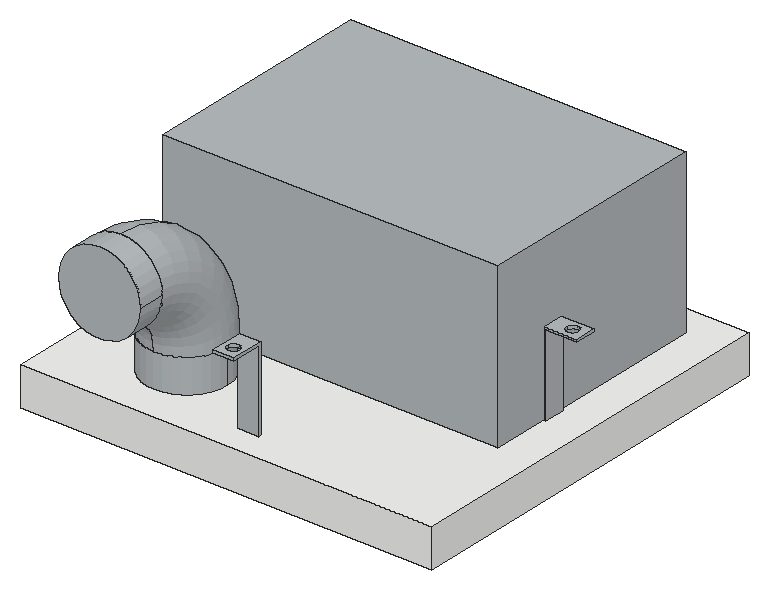
Revit family "wd-121_221bzmd5_60Hz", category 機械設備, Revit 2019
Family settings
  丸型コネクタ寸法 = 直径を使用
  パーツ タイプ = 標準
  OmniClass 番号 = 23.75.35.17.27
  OmniClass タイトル = Centrifugal Fans
  作業面ベース = いいえ
  常に垂直 = はい
  ロード時にボイドで切り取り = いいえ
  共有 = いいえ
  部屋計算ポイント = はい
Parameters (values of type "WD-121BZMD5")
  騒音レベル(dB(A)) [instance] = 46
  風量 [instance] = 200.0 m³/h
  電源種別 [instance] = ""
  電圧 = 100 V
  電動機出力 = 0 W
  電動機_種別 [instance] = ""
  運転質量 = 0.00 kg
  連動 [instance] = ""
  質量 = if(製品質量 > 運転質量, 製品質量, 運転質量) * 1.2  # 10.20 kg
  負荷分類 = 3_ファン類
  説明 = "バス乾燥・暖房・換気システム 換気システム連動形"
  設計風量 [instance] = 0.0 m³/h
  設置方法 = "カセット形"
  記号 [instance] = ""
  製造元 = "三菱電機株式会社"
  製品質量 = 8.50 kg
  製品出荷対象 = "国内"
  製品リリース年月 = "2022年6月1日"
  製品グループ = ""
  系統 [instance] = ""
  符号 [instance] = if(☑給気／□排気, "FS", "FE")  # "FS"
  積算_科目 = "2 換気設備"
  積算_拾い区分 [instance] = ""
  相 = 1
  盤記号 [instance] = ""
  発停方法 [instance] = ""
  特殊仕様 [instance] = ""
  点検口離隔 = 150 mm
  点検口_Depth = 450 mm
  点検口 = yes
  火災停止 [instance] = ""
  消費電力 = 1370 W
  法定耐用年数 = "10"
  機外静圧 [instance] = 0.0 Pa
  極数 = 2
  材質 [instance] = ""
  操作・制御方式 = ""
  操作・制御スイッチ = ""
  排気量 [instance] = if(☑給気／□排気, 0.0 m³/h, 設計風量)  # 0.0 m³/h
  形式 = ""
  幹線記号 [instance] = ""
  対象室 [instance] = ""
  実風量 [instance] = 0.0 m³/h
  始動方式 [instance] = "直入"
  天吊金具ピッチ2 = 450 mm
  天吊金具ピッチ1 = 450 mm
  天吊金具_高さ = 97 mm
  天吊金具_径 = 15 mm
  外気量 [instance] = if(☑給気／□排気, 設計風量, 0.0 m³/h)  # 0.0 m³/h
  呼称 = ""
  周波数 = 60 Hz
  参照している仕様書等のバージョン = ""
  分類コード = "50052503100080"
  分類グループ = ""
  価格 = 111000
  企業コード = "108420"
  付属品_防振装置 = ""
  付属品 [instance] = ""
  仕様書バージョン = "Version1.0"
  モデル = "WD-121BZMD5"
  マテリアル = 亜鉛メッキ鋼板
  ファンの種類 = ""
  ダクト径 = 100 mm
  コメント [instance] = ""
  Keynote = ""
  カバーマテリアル = 合成樹脂(白)
  ☑給気／□排気 [instance] = yes
  Width = 400 mm
  W1 = 492 mm
  Version = ""
  Uniclass2015Version = "Systems v1.9"
  Uniclass2015Title = "Centrifugal fans"
  Uniclass2015Code = "Pr_65_67_29_12"
  URL = "https://www.mitsubishielectric.co.jp/ldg/wink/ssl/displayProduct.do?pid=320858"
  SpecificationReference = ""
  SpecificationDescription = ""
  Revision = ""
  ProductInformation = ""
  OmniClassCode = "23-33 31 19 11 15"
  MIN風量 = 90.0 m³/h
  MIN静圧 = 0.0 Pa
  MID風量 = 0.0 m³/h
  MID静圧 = 0.0 Pa
  MAX風量 = 200.0 m³/h
  MAX静圧 = 0.0 Pa
  IfcTypeProduct = ""
  IfcProduct = ""
  IfcExportType = "PROPELLORAXIAL"
  IfcExportAs = "IfcFanType"
  Height = 194 mm
  H1 = 46 mm
  EAサイズ_D = 98 mm
  Duct_W = 120 mm
  Duct_H = 138.8 mm
  Duct_Depth = 130 mm
  Duct_D = 145 mm
  Depth = 280 mm
  D2 = 60 mm
  D1 = 472 mm
  Author = "三菱電機株式会社"
Types (2, lengths in mm): name | 騒音レベル(dB(A)) | 風量 | 電圧 | 質量 | 製品質量 | 消費電力 | 極数 | 価格 | モデル | URL | MIN風量 | MAX風量
  WD-121BZMD5 | 46 | 200.0 m³/h | 100 V | 10.20 kg | 8.50 kg | 1370 W | 2 | 111000 | "WD-121BZMD5" | "https://www.mitsubishielectric.co.jp/ldg/wink/ssl/displayProduct.do?pid=320858" | 90.0 m³/h | 200.0 m³/h
  WD-221BZMD5 | 48.5 | 195.0 m³/h | 200 V | 10.80 kg | 9.00 kg | 2370 W | 3 | 139400 | "WD-221BZMD5" | "https://www.mitsubishielectric.co.jp/ldg/wink/ssl/displayProduct.do?pid=320860" | 95.0 m³/h | 195.0 m³/h
Reference planes
  plane 1 "中心(正面/背面)": y = 0
  plane 2: z = 0
  plane 3 "中心(左/右)": x = 0
  plane 4: x = -246
  plane 5: x = 246
  plane 6: y = 236
  plane 7: y = -236
  plane 8: x = -200
  plane 9: x = 200
  plane 10: y = 200
  plane 11: y = -80
  plane 12: z = 194
  plane 13: z = -46
  plane 14: z = 138.8
  plane 15: x = -225
  plane 16: x = 225
  plane 17: y = 225
  plane 18: y = -225
  plane 19: x = -120
  plane 20: x = -350
  plane 21: x = -800
  plane 22: y = 225
  plane 23: y = -225
  plane 24: z = 100
  plane 25: z = 97
  plane 26: y = 60
  plane 27: y = -145
  plane 28: y = -275
Forms (mm)
  Extrusion 1, solid, material "亜鉛メッキ鋼板" <- "マテリアル", detail levels fine
    sketch origin (0, 0, 0) x (1, 0, 0) y (0, 1, 0)
      loop
        line (-200, 200) -> (-200, -80) -> (200, -80) -> (200, 200) -> (-200, 200)
    from 0 to 194
  Extrusion 2, solid, material "合成樹脂(白)" <- "カバーマテリアル", detail levels fine
    sketch origin (0, 0, 0) x (1, 0, 0) y (0, 1, 0)
      loop
        line (-246, 236) -> (-246, -236) -> (246, -236) -> (246, 236) -> (-246, 236)
    from 0 to -46
  Extrusion 3, solid, material "亜鉛メッキ鋼板" <- "マテリアル", detail levels fine
    sketch origin (-120.588, -243.004, 138.348) x (1, 0, 0) y (0, 0, 1)
      loop
        circle (0.588, 0.455) r 49
    from 0 to 31.996
  Extrusion 4, solid, material "亜鉛メッキ鋼板" <- "マテリアル", detail levels fine
    sketch origin (0, 0, 0) x (1, 0, 0) y (0, 1, 0)
      loop
        line (-200, 12.5) -> (-240, 12.5) -> (-240, -12.5) -> (-200, -12.5) -> (-200, 12.5)
      loop
        line (-12.5, 200) -> (12.5, 200) -> (12.5, 240) -> (-12.5, 240) -> (-12.5, 200)
      loop
        circle (0, 225) r 7.5
      loop
        line (-12.5, -200) -> (-12.5, -240) -> (12.5, -240) -> (12.5, -200) -> (-12.5, -200)
      loop
        circle (0, -225) r 7.5
      loop
        circle (-225, 0) r 7.5
      loop
        line (200, 12.5) -> (200, -12.5) -> (240, -12.5) -> (240, 12.5) -> (200, 12.5)
      loop
        circle (225, 0) r 7.5
    from 97 to 100
  Extrusion 5, solid, material "亜鉛メッキ鋼板" <- "マテリアル", detail levels fine
    sketch origin (0, 0, 0) x (1, 0, 0) y (0, 1, 0)
      loop
        line (-203, 12.5) -> (-203, -12.5) -> (-200, -12.5) -> (-200, 12.5) -> (-203, 12.5)
      loop
        line (-12.5, 200) -> (12.5, 200) -> (12.5, 203) -> (-12.5, 203) -> (-12.5, 200)
      loop
        line (203, 12.5) -> (200, 12.5) -> (200, -12.5) -> (203, -12.5) -> (203, 12.5)
      loop
        line (-12.5, -203) -> (12.5, -203) -> (12.5, -200) -> (-12.5, -200) -> (-12.5, -203)
    from 0 to 100
  Extrusion 6, solid, material "亜鉛メッキ鋼板" <- "マテリアル"
    sketch origin (0, 0, 0) x (1, 0, 0) y (0, 1, 0)
      loop
        circle (-120, -145) r 49
    from 0 to 40.345
Cuts and joins
  joined: Extrusion 4, Extrusion 5
Dimensions and locks
  equal spacing: plane 4, plane 3 "中心(左/右)", plane 5
  "W1": plane 4 to plane 5
  equal spacing: plane 6, plane 1 "中心(正面/背面)", plane 7
  "D1": plane 6 to plane 7
  equal spacing: plane 8, plane 3 "中心(左/右)", plane 9
  "Width": plane 8 to plane 9
  "Height": plane 12 to plane 2
  "Duct_H": plane 14 to plane 2
  equal spacing: plane 15, plane 3 "中心(左/右)", plane 16
  "天吊金具ピッチ1": plane 15 to plane 16
  equal spacing: plane 17, plane 1 "中心(正面/背面)", plane 18
  "天吊金具ピッチ2": plane 17 to plane 18
  "H1": plane 2 to plane 13
  "点検口_Depth": plane 22 to plane 23
  equal spacing: plane 22, plane 1 "中心(正面/背面)", plane 23
  "点検口_Depth": plane 21 to plane 20
  "点検口離隔": plane 20 to plane 8
  Extrusion 4 sketch curve to plane 15 = 15 mm
  Extrusion 4 sketch curve to Extrusion 4 sketch curve = 25 mm  (x4)
  plane 24 to plane 25 = 3 mm
  equal spacing: plane 10, plane 26, plane 11
  "D2": plane 26 to plane 1 "中心(正面/背面)"
  "Duct_W": plane 3 "中心(左/右)" to plane 19
  "Duct_D": plane 1 "中心(正面/背面)" to plane 27
  "Duct_Depth": plane 27 to plane 28
  "Depth": plane 10 to plane 11
  equal spacing: Extrusion 4 sketch curve, plane 3 "中心(左/右)", Extrusion 4 sketch curve  (x2)
  plane 17 to Extrusion 4 sketch curve = 15 mm
  plane 18 to Extrusion 4 sketch curve = 15 mm
  equal spacing: Extrusion 4 sketch curve, plane 1 "中心(正面/背面)", Extrusion 4 sketch curve  (x2)
  plane 16 to Extrusion 4 sketch curve = 15 mm
  cut or joined group of Extrusion 4, Extrusion 5 to Extrusion 5 sketch curve = 3 mm
  Extrusion 5 sketch curve to cut or joined group of Extrusion 4, Extrusion 5 = 3 mm  (x2)
  Extrusion 5 sketch curve to Extrusion 5 sketch curve = 3 mm
  "天吊金具_高さ": plane 25 to level
  "EAサイズ_D": diameter of Extrusion 6 sketch curve
  "天吊金具_径": diameter of Extrusion 4 sketch curve  (x4)
  "EAサイズ_D": diameter of Extrusion 3 sketch curve
  aligned and locked: level to plane 2
  aligned and locked: plane 5 to Extrusion 2
  aligned and locked: plane 6 to Extrusion 2
  aligned and locked: Extrusion 2 to plane 4
  aligned and locked: Extrusion 2 to plane 7
  aligned and locked: plane 9 to Extrusion 1
  aligned and locked: Extrusion 1 to plane 11
  aligned and locked: Extrusion 1 to plane 8
  aligned and locked: plane 10 to Extrusion 1
  aligned and locked: plane 12 to Extrusion 1
  aligned and locked: Extrusion 2 to plane 13
  aligned and locked: level to Extrusion 2
  aligned and locked: Extrusion 1 to level
  aligned and locked: plane 20 to nested 2
  aligned and locked: plane 21 to nested 2
  aligned and locked: plane 23 to nested 2
  aligned and locked: plane 22 to nested 2
  aligned and locked: plane 24 to Extrusion 4
  aligned and locked: Extrusion 4 to plane 25
  aligned and locked: plane 24 to Extrusion 5
  aligned and locked: Extrusion 5 to plane 2
  aligned and locked: Extrusion 6 to level
  aligned and locked: Extrusion 5 sketch curve to cut or joined group of Extrusion 4, Extrusion 5  (x7)
  aligned and locked: cut or joined group of Extrusion 4, Extrusion 5 to Extrusion 5 sketch curve  (x3)
  aligned and locked: plane 1 "中心(正面/背面)" to nested 5
  aligned and locked: plane 16 to nested 5
  aligned and locked: plane 15 to nested 5
  aligned and locked: plane 3 "中心(左/右)" to nested 4
  aligned and locked: plane 17 to nested 4
  aligned and locked: plane 18 to nested 4
  aligned and locked: Extrusion 3 to plane 28
Automatic sketch dimensions
  Extrusion 6 sketch curve to plane 19 = 0 mm
  Extrusion 6 sketch curve to plane 27 = 0 mm
  Extrusion 1 sketch curve to plane 8 = 0 mm
  Extrusion 1 sketch curve to plane 9 = 0 mm
  Extrusion 1 sketch curve to plane 11 = 0 mm
  Extrusion 1 sketch curve to plane 10 = 0 mm
  Extrusion 2 sketch curve to plane 4 = 0 mm
  Extrusion 2 sketch curve to plane 5 = 0 mm
  Extrusion 2 sketch curve to plane 7 = 0 mm
  Extrusion 2 sketch curve to plane 6 = 0 mm
  plane 1 "中心(正面/背面)" to Extrusion 4 sketch curve = 0 mm  (x2)
  Extrusion 4 sketch curve to plane 15 = 0 mm
  Extrusion 4 sketch curve to plane 8 = 0 mm
  Extrusion 4 sketch curve to plane 3 "中心(左/右)" = 0 mm  (x2)
  Extrusion 4 sketch curve to plane 9 = 0 mm
  Extrusion 4 sketch curve to plane 16 = 0 mm
  Extrusion 4 sketch curve to plane 18 = 0 mm
  Extrusion 4 sketch curve to plane 10 = 0 mm
  Extrusion 4 sketch curve to plane 17 = 0 mm
  plane 18 to Extrusion 4 sketch curve = 25 mm
  plane 1 "中心(正面/背面)" to Extrusion 5 sketch curve = 12.5 mm
  Extrusion 5 sketch curve to plane 1 "中心(正面/背面)" = 12.5 mm
Nested families
  nested 1: "記号_天井換気扇_平面" at (0, 0, 0), type "記号_天井換気扇_平面", detail levels coarse+medium
  nested 2: "点検口設置範囲" at (-575, 0, 0), visible <- "点検口", type "点検口設置範囲"
    with Width 450 mm, Depth 450 mm
  nested 3: "ダクト曲がり" at (-120.588, -145, 40.345), マテリアル <- "マテリアル", type "ダクト曲がり"
    with マテリアル 亜鉛メッキ鋼板, EAサイズ_D 98.004 mm
  nested 4: "固定点" at (0, -225, 0) x (0, 1, 0) z (0, 0, 1), type "固定点"
    with W 450 mm, D 1000 mm
  nested 5: "固定点" at (-225, 0, 0), type "固定点"
    with W 450 mm, D 1000 mm
Connectors
  hvac at (-120, -275, 138.804), driven by "ダクト径", driven by "風量", driven by "機外静圧"
    settings: on Extrusion 3, index 1, duct flow 200.0 m³/h, flow factor 0, pres drop 0.0 Pa, loss coef 0, conn angle 0.00°, conn width 304.8 mm, conn height 304.8 mm, conn diameter 100 mm, duct sys type 3, conn prof type 0, flow config 0, flow direction 2, loss method 4, conn ref index -1, conn util no, is conn primary yes, conn desc ""
  electrical at (0, 60, 194), driven by "極数", driven by "負荷分類", driven by "電圧", driven by "消費電力"
    settings: on Extrusion 1, index 6, voltage 100 V, apparent load 1370 VA, apparent load phase1 0 VA, apparent load phase2 0 VA, apparent load phase3 0 VA, power factor 1, load classification "3_ファン類", number of poles 2, system type 30, power factor state 1, is connector primary yes, connector utility no, sub classification motor no, connector description ""
Definition of nested family "ダクト曲がり"
  Parameters (values of type "ダクト曲がり")
    マテリアル [instance] = none
    EAサイズ_D [instance] = 98 mm
  Reference planes
    plane 1 "中心(正面/背面)": y = 0
    plane 2: z = 0
    plane 3 "中心(左/右)": x = 0
    plane 4: y = -98
    plane 5: z = 98
  Forms (mm)
    Sweep 1, solid, material <- "マテリアル"
      path origin (0, -4670.886, 1485.871) x (0, 1, 0) y (0, 0, 1)
        loop
          arc (4670.886, -1485.871) -> (4642.183, -1416.574) -> (4572.886, -1387.871) r 98
      profile origin (0, -28.704, 69.296) x (0, -0.707107, -0.707107) y (1, 0, 0)
        loop
          circle (0, 0.588) r 49
  Dimensions and locks
    "EAサイズ_D": plane 4 to plane 1 "中心(正面/背面)"
    "EAサイズ_D": plane 5 to level
    "EAサイズ_D": diameter of Sweep 1 sketch curve
    aligned and locked: level to plane 2
    aligned and locked: plane 1 "中心(正面/背面)" to Sweep 1 sketch curve
    aligned and locked: plane 5 to Sweep 1 sketch curve
  Automatic sketch dimensions
    Sweep 1 sketch curve to level = 0 mm
    Sweep 1 sketch curve to profile plane = 0 mm
    plane 3 "中心(左/右)" to Sweep 1 sketch curve = 0.588 mm
Definition of nested family "記号_天井換気扇_平面"
  Reference planes
    plane 1: y = 0
    plane 2: x = 0
  Lines and regions (mm)
    detail lines
      curve 1: line (-2.5, 2.5, 0) -> (2.5, 2.5, 0)
      curve 2: line (-2.5, -2.5, 0) -> (-2.5, 2.5, 0)
      curve 3: line (2.5, -2.5, 0) -> (-2.5, -2.5, 0)
      curve 4: line (2.5, 2.5, 0) -> (2.5, -2.5, 0)
      curve 5: circle (-1.04, -1.04, 0) r 1.46 normal (0, 0, 1)
      curve 6: circle (1.04, 1.04, 0) r 1.46 normal (0, 0, 1)
      curve 7: line (-3.125, 3.125, 0) -> (3.125, 3.125, 0)
      curve 8: line (-3.125, -3.125, 0) -> (-3.125, 3.125, 0)
      curve 9: line (3.125, -3.125, 0) -> (-3.125, -3.125, 0)
      curve 10: line (3.125, 3.125, 0) -> (3.125, -3.125, 0)
      curve 11: circle (1.295, 1.295, 0) r 1.83 normal (0, 0, 1)
      curve 12: circle (-1.295, -1.295, 0) r 1.83 normal (0, 0, 1)
      curve 13: line (-2, 2, 0) -> (2, 2, 0)
      curve 14: line (-2, -2, 0) -> (-2, 2, 0)
      curve 15: line (2, -2, 0) -> (-2, -2, 0)
      curve 16: line (2, 2, 0) -> (2, -2, 0)
      curve 17: circle (0.84, 0.84, 0) r 1.16 normal (0, 0, 1)
      curve 18: circle (-0.84, -0.84, 0) r 1.2 normal (0, 0, 1)
Definition of nested family "点検口設置範囲"
  Parameters (values of type "点検口設置範囲")
    Width [instance] = 1000 mm
    Depth [instance] = 700 mm
  Reference planes
    plane 1 "中心(正面/背面)": y = 0
    plane 2: z = 0
    plane 3 "中心(左/右)": x = 0
    plane 4: x = -500
    plane 5: x = 500
    plane 6: y = -350
    plane 7: y = 350
  Lines and regions (mm)
    model lines
      curve 1: line (-500, 350, 0) -> (500, 350, 0)
      curve 2: line (-500, -350, 0) -> (-500, 350, 0)
      curve 3: line (500, -350, 0) -> (-500, -350, 0)
      curve 4: line (500, 350, 0) -> (500, -350, 0)
  Dimensions and locks
    "Depth": plane 7 to plane 6
    "Width": plane 4 to plane 5
    equal spacing: plane 7, plane 1 "中心(正面/背面)", plane 6
    equal spacing: plane 4, plane 3 "中心(左/右)", plane 5
    aligned and locked: level to plane 2
    aligned and locked: plane 4 to curve 2
    aligned and locked: curve 1 to plane 7
    aligned and locked: curve 4 to plane 5
    aligned and locked: plane 6 to curve 3
Definition of nested family "固定点"
  Parameters (values of type "固定点")
    中心円 = 20 mm
    W [instance] = 1000 mm
    D [instance] = 1000 mm
  Reference planes
    plane 1 "中心(正面/背面)": y = 0
    plane 2: z = 0
    plane 3 "中心(左/右)": x = 0
    plane 4: x = 1000
  Lines and regions (mm)
    symbolic lines, detail levels fine
      curve 1: circle (0, 0, 0) r 10 normal (0, 0, 1)
      curve 2: circle (1000, 0, 0) r 10 normal (0, 0, 1)
      curve 3: line (-200, 0, 0) -> (1200, 0, 0)
      curve 4: line (0, 200, 0) -> (0, -200, 0)
      curve 5: line (1000, 200, 0) -> (1000, -200, 0)
  Dimensions and locks
    "W": plane 3 "中心(左/右)" to plane 4
    "中心円": diameter of curve 1
    "中心円": diameter of curve 2
    aligned and locked: level to plane 2
    aligned and locked: plane 3 "中心(左/右)" to curve 1
    aligned and locked: plane 1 "中心(正面/背面)" to curve 1
    aligned and locked: plane 1 "中心(正面/背面)" to curve 2
    aligned and locked: plane 4 to curve 2
    aligned and locked: plane 1 "中心(正面/背面)" to curve 3
    aligned and locked: curve 4 to plane 3 "中心(左/右)"
    aligned and locked: curve 5 to plane 4
  Automatic sketch dimensions
    curve 3 to plane 3 "中心(左/右)" = 200 mm
    curve 2 to curve 3 = 200 mm
    plane 1 "中心(正面/背面)" to curve 4 = 200 mm
    plane 1 "中心(正面/背面)" to curve 5 = 200 mm
    curve 5 to plane 1 "中心(正面/背面)" = 200 mm
    curve 4 to plane 1 "中心(正面/背面)" = 200 mm
